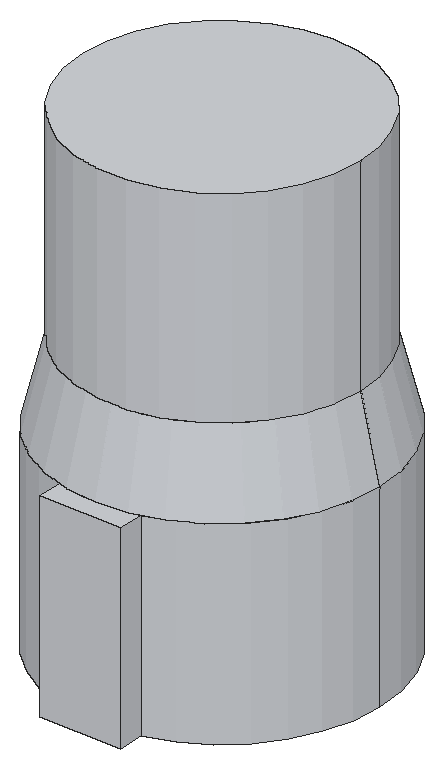
Revit family "f7a51edd83c44ca381389e7ee0bfde67", category Fire Alarm Devices, host Face, Revit 2021
Family settings
  Host = Face
  Maintain Annotation Orientation = No
  Round Connector Dimension = Use Diameter
  Part Type = Normal
  OmniClass Number = 23.85.30.21.11.11
  OmniClass Title = Fire/Smoke Detectors
  Seek Item ID = Flame Detector-0000-USA-ENU
  Cut with Voids When Loaded = No
  Shared = No
  Room Calculation Point = No
Parameters (values of type "Basic")
  Radius 1 = 0' - 1 3/4"
  Radius = Diameter * 0.5  # 0' - 2"
  Label = ""
  Height 1 = Radius + 0' 0 1/4"  # 0' - 2 1/4"
  Diameter = 0' - 4"
  Detector Material = none
  Depth 2 = 0' - 1"
  Depth 1 = 0' - 2 1/2"
  Depth = 0' - 6 13/128"
  Default Elevation = 4' - 0"
Types (7): name | Label
  (no name) | ""
  Basic | ""
  Combination Ultraviolet and Infrared | "UV/IR"
  Flame | "F"
  Infrared | "IR"
  Ultraviolet | "UV"
  Visible Radiation | "VR"
Reference planes (in)
  plane 1 "Center (Front/Back)": y = 0
  plane 2: z = 0
  plane 3 "Center (Left/Right)": x = 0
  plane 4: z = 2.5
  plane 5: z = 6.10156
  plane 6: y = -2.25
  plane 7: z = 3.5
Forms (in)
  Extrusion 1, solid, material <- "Detector Material"
    sketch origin (0, 0, 0) x (1, 0, 0) y (0, 1, 0)
      loop
        circle (0, 0) r 2
    from 0 to 2.5
  Extrusion 2, solid, material <- "Detector Material"
    sketch origin (0, 0, 0) x (1, 0, 0) y (0, 1, 0)
      loop
        circle (0, 0) r 1.75
    from 3.5 to 6.10156
  Blend 3, solid, material <- "Detector Material"
    base sketch origin (0, 0, 0) x (1, 0, 0) y (0, 1, 0)
      loop
        circle (0, 0) r 2
    top sketch origin (0, 0, 0) x (1, 0, 0) y (0, 1, 0)
      loop
        circle (0, 0) r 1.75
    from 2.5 to 3.5
  Extrusion 4, solid, material <- "Detector Material"
    sketch origin (0, 0, 0) x (1, 0, 0) y (0, 1, 0)
      loop
        line (-0.51273, 0) -> (-0.51273, -2.25) -> (0.51273, -2.25) -> (0.51273, 0) -> (-0.51273, 0)
    from 0 to 2.5
Cuts and joins
  joined: Extrusion 1, Extrusion 2, Blend 3, Extrusion 4
Lines and regions (in)
  symbolic lines, detail levels fine
    curve 1: line (-0.51273, -1.93316, 0) -> (-0.51273, -2.25, 0)
    curve 2: line (-0.51273, -2.25, 0) -> (0.51273, -2.25, 0)
    curve 3: line (0.51273, -2.25, 0) -> (0.51273, -1.93316, 0)
    curve 4: arc (-2, 0, 0) -> (0, -2, 0) -> (2, 0, 0) r 2
    curve 5: arc (2, 0, 0) -> (0, 2, 0) -> (-2, 0, 0) r 2
    curve 6: arc (1.75, 0, 0) -> (0, 1.75, 0) -> (-1.75, 0, 0) r 1.75
    curve 7: arc (-1.75, 0, 0) -> (0, -1.75, 0) -> (1.75, 0, 0) r 1.75
Dimensions and locks (in)
  "Depth 1": plane 4 to level
  "Depth": plane 5 to level
  equal spacing: Extrusion 4, plane 3 "Center (Left/Right)", Extrusion 4
  locked: Extrusion 4 to plane 3 "Center (Left/Right)" at 0.51273
  "Height 1": plane 1 "Center (Front/Back)" to plane 6
  "Depth 2": plane 7 to plane 4
  "Radius": radius of Extrusion 1 sketch curve
  "Radius 1": radius of Extrusion 2 sketch curve
  "Radius": radius of Blend 3 sketch curve
  "Radius 1": radius of Blend 3 sketch curve
  aligned and locked: plane 2 to host face
  aligned and locked: level to host face
  aligned and locked: Extrusion 1 to plane 2
  aligned and locked: plane 4 to Extrusion 1
  aligned and locked: plane 1 "Center (Front/Back)" to Extrusion 1 sketch curve
  aligned and locked: plane 3 "Center (Left/Right)" to Extrusion 1 sketch curve
  aligned and locked: plane 1 "Center (Front/Back)" to Extrusion 2 sketch curve
  aligned and locked: plane 3 "Center (Left/Right)" to Extrusion 2 sketch curve
  aligned and locked: plane 5 to cut or joined group of Extrusion 1, Extrusion 2, Blend 3, Extrusion 4
  aligned and locked: plane 1 "Center (Front/Back)" to Blend 3 sketch curve  (x2)
  aligned and locked: plane 3 "Center (Left/Right)" to Blend 3 sketch curve  (x2)
  aligned and locked: Blend 3 to plane 4
  aligned and locked: Extrusion 4 to plane 6
  aligned and locked: plane 4 to Extrusion 4
  aligned and locked: Extrusion 4 to plane 2
  aligned and locked: cut or joined group of Extrusion 1, Extrusion 2, Blend 3, Extrusion 4 to curve 1
  aligned and locked: curve 2 to cut or joined group of Extrusion 1, Extrusion 2, Blend 3, Extrusion 4
  aligned and locked: curve 3 to cut or joined group of Extrusion 1, Extrusion 2, Blend 3, Extrusion 4
  aligned and locked: curve 4 to cut or joined group of Extrusion 1, Extrusion 2, Blend 3, Extrusion 4
  aligned and locked: curve 5 to cut or joined group of Extrusion 1, Extrusion 2, Blend 3, Extrusion 4
  aligned and locked: curve 6 to cut or joined group of Extrusion 1, Extrusion 2, Blend 3, Extrusion 4
  aligned and locked: curve 7 to cut or joined group of Extrusion 1, Extrusion 2, Blend 3, Extrusion 4
  aligned and locked: cut or joined group of Extrusion 1, Extrusion 2, Blend 3, Extrusion 4 to plane 1 "Center (Front/Back)"
  aligned and locked: cut or joined group of Extrusion 1, Extrusion 2, Blend 3, Extrusion 4 to plane 7
  aligned and locked: plane 7 to cut or joined group of Extrusion 1, Extrusion 2, Blend 3, Extrusion 4
  aligned and locked: plane 1 "Center (Front/Back)" to nested 1
  aligned and locked: nested 1 to plane 3 "Center (Left/Right)"
Automatic sketch dimensions
  host sketch curve to host sketch curve = 8' - 0"  (x2)
  Extrusion 4 sketch curve to plane 3 "Center (Left/Right)" = 0' - 0.51273"
  plane 3 "Center (Left/Right)" to Extrusion 4 sketch curve = 0' - 0.51273"
  plane 1 "Center (Front/Back)" to Extrusion 4 sketch curve = 0' - 2 1/4"
  Extrusion 4 sketch curve to plane 1 "Center (Front/Back)" = 0' - 0"
Nested families (in)
  nested 1: "Flame Detector Annotation" at (0, 0, 0), type "Flame Detector Annotation", detail levels coarse+medium
Connectors (in)
  electrical at (0, 0, 0)
    settings: on Extrusion 1, index 1, voltage 0 V, apparent load 0 VA, apparent load phase1 0 VA, apparent load phase2 0 VA, apparent load phase3 0 VA, power factor 1, load classification "Other", number of poles 1, system type 11, power factor state 1, is connector primary yes, connector utility no, sub classification motor no, connector description ""
Definition of nested family "Flame Detector Annotation"
  Parameters
    Label Annotation = ""
  Reference planes (in)
    plane 1: y = 0
    plane 2: x = 0
  Lines and regions (in)
    reference lines
      curve 1: line (-0.59408, 0.0625, 0) -> (1.03342, 0.0625, 0)
    detail lines
      curve 2: circle (0, 0, 0) r 0.0625 normal (0, 0, 1)
      curve 3: line (0, 0.04611, 0) -> (-0.04226, -0.0271, 0)
      curve 4: line (0, 0.04611, 0) -> (0.04226, -0.0271, 0)
  Text (in)
    label "F" at (0.05893, -0.06996, 0), shows "Label Annotation"
  Dimensions and locks (in)
    locked: plane 1 to curve 1 at 0.0625
    locked: curve 3 to plane 2 (angle 30.00°)
